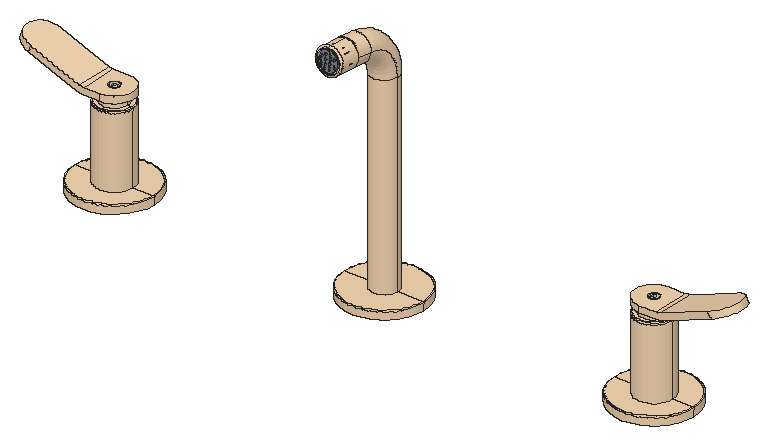
Revit family "Faucet-Wall_Mount-Bath_Spout-KALLISTA-Aileron-P33353", category Plumbing Fixtures, host Face, Revit 2021
Family settings
  Host = Face
  Round Connector Dimension = Use Diameter
  Part Type = Normal
  OmniClass Number = 23.31.11.00
  OmniClass Title = Faucets
  Cut with Voids When Loaded = No
  Shared = No
  Room Calculation Point = No
Parameters (values of type "2MB-Brushed Brass")
  Width [instance] = 16"
  WaterSense Certified = 1 = 0  # no
  Waste Water Outlet = "Waste Water Outlet"  # constant formula
  Waste Connection = 1 = 0  # no
  Vent Connection = 1 = 0  # no
  URL = "https://www.kallista.com/"
  Type = 1
  Spout Reach = 7.12205"  # constant formula
  Product Page URL = ""
  Product Name = "Aileron"  # constant formula
  Product Documentation Link = ""
  Pressure = 4.50 psi  # constant formula
  Model = if(Type = 1, "P33354-LV-2MB", if(Type = 2, "P33354-LV-BGP", if(Type = 3, "P33354-LV-BL", if(Type = 4, "P33354-LV-BLH", if(Type = 5, "P33354-LV-BN", if(Type = 6, "P33341-LV-CP", "NA"))))))  # "P33354-LV-2MB"
  Material = "Premium Metal Construction"  # constant formula
  Master Format 2014 Name = "Residential Faucets, Supplies, and Trim"  # constant formula
  Master Format 2014 = "22 41 39"  # constant formula
  Manufacturer Address = "444 Highland Dr, Kohler, WI 53044"  # constant formula
  Manufacturer = "Kallista Co."  # constant formula
  Length = Spout Reach  # 7.12205"
  Hot Water Inlet = "Hot Water Inlet"  # constant formula
  Height = 2.3622"  # constant formula
  Handle Clearance = 2.63386"  # constant formula
  HW Connection = 1 = 1  # yes
  Flow Rate = 1.2 GPM  # constant formula
  Finish = Kallista-Metal-2MB- Brushed_Brass
  Faucet Hole Spacing [instance] = Width  # 16"
  Environmental Product Declaration = ""
  Drain Included = 1 = 1  # yes
  Description = "Wall Mount With Despread Faucet, Elongated"  # constant formula
  Default Elevation = 36"
  Declare Label = ""
  Date Modified = "10/24/2024"  # constant formula
  Date Created = "10/24/2024"  # constant formula
  Copyright = "Copyright Kallista Co."  # constant formula
  Contact Us = "https://www.kallista.com/corporate/contact-us/"
  Cold Water Inlet = "Cold Water Inlet"  # constant formula
  CW Connection = 1 = 1  # yes
  Assembly Code = "D2010"
  ADA Compliant = 1 = 0  # no
Types (7): name | Type | Model | Finish
  (no name) | 1 | "P33354-LV-2MB" | Kallista-Metal-2MB- Brushed_Brass
  2MB-Brushed Brass | 1 | "P33354-LV-2MB" | Kallista-Metal-2MB- Brushed_Brass
  BGP-Brushed Graphite | 2 | "P33354-LV-BGP" | Kallista-Metal-BGP-Brushed_Graphite
  BL-Matte Black | 3 | "P33354-LV-BL" | Kallista-Metal-BL-Matte_Black
  BLH-Blush Brass | 4 | "P33354-LV-BLH" | Kallista-Metal-BLH-Blush_Brass
  BN-Brushed Nickel | 5 | "P33354-LV-BN" | Kallista-Metal-BN-Brushed_Nickel
  CP-Chrome | 6 | "P33341-LV-CP" | Kallista-Metal-CP-Chrome
Reference planes (in)
  plane 1 "Center (Front/Back)": y = 0
  plane 2: z = 0
  plane 3 "Center (Left/Right)": x = 0
  plane 4: y = 1.1811
  plane 5: y = -1.1811
  plane 6: x = -1.1811
  plane 7: x = 1.1811
  plane 8: x = 6.8189
  plane 9: x = 9.1811
  plane 10: x = -6.8189
  plane 11: x = -9.1811
  plane 12: x = -0.39844
  plane 13: x = 0.3937
  plane 14: z = 3.54331
  plane 15: z = 7.50394
  plane 16: x = -8.55118
  plane 17: x = -7.44882
  plane 18: x = 7.44882
  plane 19: x = 8.55118
  plane 20: z = 2.83021
  plane 21: through (0, -2.03132, 9.28253) normal (0, -0.9962, 0.0872)
  plane 22: z = 7.12205
  plane 23: through (0, 1.1811, 6.44522) normal (0, 0.0872, 0.9962)
  plane 24: y = 0.3937
  plane 25: y = -0.3937
  plane 26: x = -8
  plane 27: x = 8
  plane 28: x = -10.63386
  plane 29: x = 10.63386
  plane 30: y = -2.09761
Forms (in)
  Extrusion 1, solid, material "Kallista-Metal-2MB- Brushed_Brass" <- "Finish", detail levels medium+fine
    sketch origin (0, 0, 0) x (1, 0, 0) y (0, 1, 0)
      loop
        circle (8, 0) r 0.03937
    from 0 to 0.03248
  Extrusion 2, solid, material "Kallista-Metal-2MB- Brushed_Brass" <- "Finish", detail levels medium+fine
    sketch origin (0, 0, 0) x (1, 0, 0) y (0, 1, 0)
      loop
        circle (-8, 0) r 0.03937
    from 0 to 0.03137
Dimensions and locks (in)
  plane 15 to level = 7.50394"
  plane 6 to plane 7 = 2.3622"  (x2)
  plane 12 to plane 13 = 0.79214"
  plane 8 to plane 9 = 2.3622"
  plane 11 to plane 10 = 2.3622"
  "Height": plane 4 to plane 5
  "Length": level to plane 22
  level to plane 15 = 7.50394"
  equal spacing: plane 26, plane 3 "Center (Left/Right)", plane 27
  "Width": plane 26 to plane 27
  plane 22 to level = 7.12205"
  plane 16 to plane 26 = 0.55118"
  plane 11 to plane 26 = 1.1811"
  plane 26 to plane 17 = 0.55118"
  plane 26 to plane 10 = 1.1811"
  plane 18 to plane 27 = 0.55118"
  plane 8 to plane 27 = 1.1811"
  plane 27 to plane 19 = 0.55118"
  plane 27 to plane 9 = 1.1811"
  "Handle Clearance": plane 27 to plane 29
  "Handle Clearance": plane 28 to plane 26
  aligned and locked: plane 2 to host face
  aligned and locked: level to host face
  aligned and locked: plane 3 "Center (Left/Right)" to nested 1
  aligned and locked: plane 1 "Center (Front/Back)" to nested 1
  aligned and locked: nested 3 to plane 26
  aligned and locked: nested 2 to plane 27
Automatic sketch dimensions
  host sketch curve to host sketch curve = 96"  (x2)
  plane 1 "Center (Front/Back)" to Extrusion 1 sketch curve = 0"
  Extrusion 1 sketch curve to plane 27 = 0"
  plane 1 "Center (Front/Back)" to Extrusion 2 sketch curve = 0"
  Extrusion 2 sketch curve to plane 26 = 0"
  radius of Extrusion 1 sketch curve = 0.03937"
  radius of Extrusion 2 sketch curve = 0.03937"
Nested families (in)
  nested 1: "P33353_Spout" at (0, 0, 0), type "P33353_Faucet"
  nested 2: "P33353_Handle" at (8, 0, 0), type "P33353_Handle"
  nested 3: "P33353_Handle" at (-8, 0, 0) x (-1, 0, 0) z (0, 0, 1), type "P33353_Handle"
Connectors (in)
  piping at (-8, 0, 0), diameter 0.5, driven by "Flow Rate", driven by "Pressure", driven by "HW Connection", driven by "Hot Water Inlet"
    settings: on Extrusion 2, index 1, connector inside diameter 24", connector length 0", flow factor 0, pipe flow 1.2 GPM, pressure drop 4.50 psi, fitting loss kfactor 0, connector angle 0.00°, fixture units 0, engagement length 0", angle of deflection 0.00°, flow configuration 1, flow direction 1, fitting loss method 4, system type 19, joint type 0, gender type 0, connector reference index -1, connector utility 1, adjustable connector no, is connector primary yes, connector description "Hot Water Inlet"
  piping at (8, 0, 0), diameter 0.5, driven by "Flow Rate", driven by "Pressure", driven by "CW Connection", driven by "Cold Water Inlet"
    settings: on Extrusion 1, index 2, connector inside diameter 24", connector length 0", flow factor 0, pipe flow 1.2 GPM, pressure drop 4.50 psi, fitting loss kfactor 0, connector angle 0.00°, fixture units 0, engagement length 0", angle of deflection 0.00°, flow configuration 1, flow direction 1, fitting loss method 4, system type 20, joint type 0, gender type 0, connector reference index -1, connector utility 1, adjustable connector no, is connector primary no, connector description "Cold Water Inlet"
Definition of nested family "P33353_Spout"
  Parameters
    Material = none
    Default Elevation = 0"
  Reference planes (in)
    plane 1 "Center (Front/Back)": y = 0
    plane 2: z = 0
    plane 3 "Center (Left/Right)": x = 0
    plane 4: x = -3.93701
    plane 5: x = 3.93701
    plane 6: y = 1.1811
    plane 7: y = -1.1811
    plane 8: x = 2.75591
    plane 9: x = 5.11811
    plane 10: x = -5.11811
    plane 11: x = -2.75591
    plane 12: x = -1.1811
    plane 13: x = 1.1811
    plane 14: through (0, -2.07337, 7.12205) normal (0, 0.0872, 0.9962)
    plane 15: y = -0.3937
    plane 16: y = 0.3937
    plane 17: y = 0.55118
    plane 18: y = -0.55118
    plane 19 "R": through (0, -2.06574, 8.8891) normal (0, 0.9962, -0.0872)
    plane 20: x = -0.3937
    plane 21: x = 0.3937
    plane 22: x = -0.3937
    plane 23: x = 0.3937
    plane 24: through (0, -1.1811, 7.43608) normal (0, 0.0872, 0.9962)
    plane 25: through (0, -1.24919, 6.65785) normal (0, 0.0872, 0.9962)
    plane 26: z = 7.50394
    plane 27: z = 7.11417
    plane 28: y = -2.09761
  Forms (in)
    Revolve 1, solid, material <- "Material", detail levels medium+fine
      sketch origin (0, 0, 0) x (1, 0, 0) y (0, 0, 1)
        loop
          line (0, 0.00541) -> (1.1811, 0.00541) -> (1.1811, 0.2222)
          arc (1.1811, 0.2222) -> (1.17534, 0.23611) -> (1.16142, 0.24188) r 0.01969
          line (1.16142, 0.24188) -> (0, 0.24188) -> (0, 0.00541)
        axis (0, 0.00541) -> (0, 0.24188)
      angle from 0 to 360
    Sweep 2, solid, material <- "Material", detail levels medium+fine
      path origin (0, 0, 0) x (0, 1, 0) y (0, 0, 1)
        loop
          line (-1.43996, 7.06663) -> (-1.00629, 7.02869)
          arc (-1.00629, 7.02869) -> (-0.28962, 6.67527) -> (0, 5.93052) r 1.10236
          line (0, 5.93052) -> (0, 0.23376)
      profile origin (0, 0, 0.23376) x (1, 0, 0) y (0, 1, 0)
        loop
          circle (0, 0) r 0.3937
    Revolve 3, solid, material <- "Material", detail levels medium+fine
      sketch origin (0, -0.15407, -1.76099) x (0, 1, 0) y (0, 0, 1)
        loop
          line (-1.28648, 8.82092) -> (-1.25441, 9.18749) -> (-1.2778, 9.21537) -> (-1.84506, 9.26499)
          arc (-1.84506, 9.26499) -> (-1.87294, 9.2562) -> (-1.88644, 9.23027) r 0.0382
          line (-1.88644, 9.23027) -> (-1.91743, 8.87612) -> (-1.28648, 8.82092)
        axis (-1.28648, 8.82092) -> (-1.91743, 8.87612)
      angle from 0 to 360
    Revolve 4, void
      sketch origin (0, -0.15407, -1.76099) x (0, 1, 0) y (0, 0, 1)
        loop
          line (-1.51745, 8.84113) -> (-1.48922, 9.16377) -> (-2.04514, 9.21241) -> (-2.07337, 8.88976) -> (-1.51745, 8.84113)
        axis (-1.51745, 8.84113) -> (-2.07337, 8.88976)
      angle from 0 to 360
    Revolve 5, solid, detail levels medium+fine
      sketch origin (0, -0.15407, -1.76099) x (0, 1, 0) y (0, 0, 1)
        loop
          line (-1.28762, 8.82102) -> (-1.26263, 9.10665) -> (-1.89356, 9.16185) -> (-1.91855, 8.87622) -> (-1.28762, 8.82102)
        axis (-1.28762, 8.82102) -> (-1.91855, 8.87622)
      angle from 0 to 360
    Extrusion 6, void
      sketch origin (0, -2.9759, -1.51411) x (0, -0.087156, -0.996195) y (-1, 0, 0)
        loop
          circle (-8.84247, -0.05622) r 0.03937
        loop
          circle (-8.76225, -0.19518) r 0.03937
        loop
          circle (-8.73304, -0.08616) r 0.03937
        loop
          circle (-8.70619, 0.06612) r 0.03937
        loop
          circle (-8.84657, 0.06612) r 0.03937
        loop
          circle (-8.78326, 0.17577) r 0.03937
        loop
          circle (-8.69251, 0.22817) r 0.03937
        loop
          circle (-8.5796, 0.06692) r 0.03937
        loop
          circle (-8.5796, 0.18815) r 0.03937
        loop
          circle (-8.47664, 0.08519) r 0.03937
        loop
          circle (-8.61583, -0.05401) r 0.03937
        loop
          circle (-8.57813, -0.19472) r 0.03937
        loop
          circle (-8.50209, -0.06301) r 0.03937
      from 0.05545 to 0.66735
    Revolve 7, solid, material <- "Material", detail levels coarse
      sketch origin (0, 0, 0) x (0, 1, 0) y (0, 0, 1)
        loop
          line (1.1811, 0.2414) -> (0, 0.2414) -> (0, 0) -> (1.1811, 0) -> (1.1811, 0.2414)
        axis (0, 0) -> (0, 0.2414)
      angle from 0 to 360
    Sweep 8, solid, material <- "Material", detail levels coarse
      path origin (0, 0, 0) x (0, 1, 0) y (0, 0, 1)
        loop
          line (-2.06574, 7.12138) -> (-1.07816, 7.03498)
          arc (-1.07816, 7.03498) -> (-0.3103, 6.65631) -> (0, 5.85837) r 1.1811
          line (0, 5.85837) -> (0, 0.2414)
      profile origin (0, 0, 0.2414) x (1, 0, 0) y (0, 1, 0)
        loop
          circle (-0.00237, -0.00114) r 0.39607
  Cuts and joins
    Revolve 4 cuts Revolve 3
    joined: Sweep 2, Revolve 3
    Extrusion 6 cuts Revolve 5
  Lines and regions (in)
    Masking region 1
      outline origin (0, 0, 0) x (1, 0, 0) y (0, 0, 1)
        loop
          line (-1.1811, 0.17912) -> (-1.1811, 0) -> (1.1811, 0) -> (1.1811, 0.21391)
          arc (1.1811, 0.21391) -> (1.17304, 0.23338) -> (1.15357, 0.24145) r 0.02754
          line (1.15357, 0.24145) -> (0.3937, 0.24145) -> (0.3937, 7.11024)
          arc (0.3937, 7.11024) -> (0.27839, 7.38862) -> (0, 7.50394) r 0.3937
          arc (0, 7.50394) -> (-0.27839, 7.38862) -> (-0.3937, 7.11024) r 0.3937
          line (-0.3937, 7.11024) -> (-0.3937, 0.24145) -> (-1.11878, 0.24145)
          arc (-1.11878, 0.24145) -> (-1.16285, 0.22319) -> (-1.1811, 0.17912) r 0.06233
    Masking region 2
      outline origin (0, 0, 0) x (1, 0, 0) y (0, 1, 0)
        loop
          arc (0.3937, -1.11355) -> (0.52857, -1.05623) -> (0.65529, -0.98265) r 1.1811
          arc (0.65529, -0.98265) -> (-0.14626, 1.17201) -> (-0.3937, -1.11355) r 1.1811
          line (-0.3937, -1.11355) -> (-0.3937, -1.43225)
          arc (-0.3937, -1.43225) -> (-0.38242, -1.44524) -> (-0.36553, -1.44852) r 0.02638
          arc (-0.36553, -1.44852) -> (-0.38036, -1.45535) -> (-0.3937, -1.46478) r 0.0889
          line (-0.3937, -1.46478) -> (-0.3937, -2.0201)
          arc (-0.3937, -2.0201) -> (-0.37414, -2.05083) -> (-0.34342, -2.07039) r 0.08403
          arc (-0.34342, -2.07039) -> (-0.24016, -2.08322) -> (-0.13644, -2.0915) r 2.36663
          arc (-0.13644, -2.0915) -> (-0.03518, -2.09517) -> (0.06615, -2.09451) r 2.36663
          arc (0.06615, -2.09451) -> (0.20514, -2.08653) -> (0.34342, -2.07039) r 2.36663
          arc (0.34342, -2.07039) -> (0.37414, -2.05083) -> (0.3937, -2.0201) r 0.08403
          line (0.3937, -2.0201) -> (0.3937, -1.46478)
          arc (0.3937, -1.46478) -> (0.38036, -1.45535) -> (0.36553, -1.44852) r 0.0889
          arc (0.36553, -1.44852) -> (0.38242, -1.44524) -> (0.3937, -1.43225) r 0.02638
          line (0.3937, -1.43225) -> (0.3937, -1.11355)
    Masking region 3
      outline origin (0, 0, 0) x (0, 1, 0) y (0, 0, 1)
        loop
          line (-0.3937, 5.76774) -> (-0.3937, 0.2414) -> (-1.16142, 0.2414)
          arc (-1.16142, 0.2414) -> (-1.17534, 0.23564) -> (-1.1811, 0.22172) r 0.01969
          line (-1.1811, 0.22172) -> (-1.1811, 0) -> (1.1811, 0) -> (1.1811, 0.22172)
          arc (1.1811, 0.22172) -> (1.17534, 0.23564) -> (1.16142, 0.2414) r 0.01969
          line (1.16142, 0.2414) -> (0.3937, 0.2414) -> (0.3937, 5.85837)
          arc (0.3937, 5.85837) -> (-0.02004, 6.92229) -> (-1.04385, 7.42718) r 1.5748
          line (-1.04385, 7.42718) -> (-1.40565, 7.45883) -> (-1.40839, 7.42746) -> (-1.42651, 7.45608) -> (-1.97969, 7.50447)
          arc (-1.97969, 7.50447) -> (-2.00822, 7.50154) -> (-2.03364, 7.48826) r 0.07609
          line (-2.03364, 7.48826) -> (-2.09784, 6.7545)
          arc (-2.09784, 6.7545) -> (-2.07511, 6.737) -> (-2.04752, 6.72916) r 0.07609
          line (-2.04752, 6.72916) -> (-1.49434, 6.68077) -> (-1.47153, 6.7058) -> (-1.47428, 6.67443) -> (-1.28373, 6.65776)
          arc (-1.28373, 6.65776) -> (-0.65438, 6.39708) -> (-0.3937, 5.76774) r 0.89003
    symbolic lines, detail levels medium+fine
      curve 1: line (-0.3937, 0, 0.24145) -> (0.3937, 0, 0.24145)
      curve 2: line (-1.1811, 0, 0.17912) -> (1.1811, 0, 0.17912)
      curve 3: line (0.3937, -0.00114, 0) -> (0.3937, -1.11403, 0)
      curve 4: line (-0.39844, -1.11403, 0) -> (-0.39844, -0.00114, 0)
      curve 5: arc (-0.39844, -0.00114, 0) -> (-0.00237, 0.39493, 0) -> (0.3937, -0.00114, 0) r 0.39607
      curve 6: arc (-0.37388, -2.05108, 0) -> (0.00089, -2.02255, 0) -> (0.37566, -2.05108, 0) r 2.47591
      curve 7: spline (-0.35136, -2.06703, 0) -> (-0.33939, -2.06404, 0) -> (-0.30429, -2.06126, 0) -> (-0.24845, -2.05887, 0) -> (-0.17568, -2.05703, 0) -> (-0.09094, -2.05588, 0) -> (0, -2.05548, 0) -> (0.09094, -2.05588, 0) -> (0.17568, -2.05703, 0) -> (0.24845, -2.05887, 0) -> (0.30429, -2.06126, 0) -> (0.33939, -2.06404, 0) -> (0.35136, -2.06703, 0) -> (0.33939, -2.07002, 0) -> (0.30429, -2.0728, 0) -> (0.24845, -2.0752, 0) -> (0.17568, -2.07703, 0) -> (0.09094, -2.07819, 0) -> (0, -2.07858, 0) -> (-0.09094, -2.07819, 0) -> (-0.17568, -2.07703, 0) -> (-0.24845, -2.0752, 0) -> (-0.30429, -2.0728, 0) -> (-0.33939, -2.07002, 0) -> (-0.35136, -2.06703, 0)
      curve 8: arc (-0.39844, -1.11403, 0) -> (-0.00237, -1.18344, 0) -> (0.3937, -1.11403, 0) r 1.16478
      curve 9: line (-0.36553, -1.44852, 0) -> (0.37497, -1.44852, 0)
      curve 10: line (-0.3937, -1.43225, 0) -> (0.37374, -1.43225, 0)
      curve 11: line (-0.3937, -1.46478, 0) -> (0.3937, -1.46478, 0)
      curve 12: line (-0.3937, -1.46478, 0) -> (0.37566, -2.05108, 0)
      curve 13: line (-0.32933, -1.46478, 0) -> (0.37322, -2.00017, 0)
      curve 14: line (-0.26496, -1.46478, 0) -> (0.3937, -1.96672, 0)
      curve 15: line (-0.20059, -1.46478, 0) -> (0.3937, -1.91767, 0)
      curve 16: line (-0.13622, -1.46478, 0) -> (0.3937, -1.86861, 0)
      curve 17: line (-0.07185, -1.46478, 0) -> (0.3937, -1.81956, 0)
      curve 18: line (-0.00748, -1.46478, 0) -> (0.3937, -1.77051, 0)
      curve 19: line (0.05689, -1.46478, 0) -> (0.3937, -1.72145, 0)
      curve 20: line (0.12126, -1.46478, 0) -> (0.3937, -1.6724, 0)
      curve 21: line (0.18563, -1.46478, 0) -> (0.3937, -1.62335, 0)
      curve 22: line (0.25, -1.46478, 0) -> (0.3937, -1.57429, 0)
      curve 23: line (0.18563, -1.46478, 0) -> (0.3937, -1.62335, 0)
      curve 24: line (0.12009, -1.46478, 0) -> (0.38159, -1.66406, 0)
      curve 25: line (-0.3937, -1.51307, 0) -> (0.2984, -2.04049, 0)
      curve 26: line (-0.37858, -1.57289, 0) -> (0.22481, -2.0327, 0)
      curve 27: line (-0.3937, -1.60965, 0) -> (0.15437, -2.02732, 0)
      curve 28: line (-0.3937, -1.65794, 0) -> (0.08671, -2.02404, 0)
      curve 29: line (-0.3937, -1.707, 0) -> (0.02049, -2.02263, 0)
      curve 30: line (-0.3937, -1.75605, 0) -> (-0.04346, -2.02295, 0)
      curve 31: line (-0.3937, -1.80434, 0) -> (-0.10441, -2.02479, 0)
      curve 32: line (-0.3937, -1.85339, 0) -> (-0.16447, -2.02808, 0)
      curve 33: line (-0.3937, -1.90245, 0) -> (-0.2228, -2.03268, 0)
      curve 34: line (-0.39453, -1.92351, 0) -> (-0.27955, -2.03849, 0)
      curve 35: line (-0.3937, -1.9815, 0) -> (-0.31353, -2.0426, 0)
      curve 36: line (-0.37388, -2.05108, 0) -> (0.3937, -1.46478, 0)
      curve 37: line (-0.29934, -2.04082, 0) -> (0.3937, -1.51146, 0)
      curve 38: line (-0.22657, -2.03302, 0) -> (0.3937, -1.55925, 0)
      curve 39: line (-0.1569, -2.02759, 0) -> (0.3937, -1.60703, 0)
      curve 40: line (-0.08993, -2.02422, 0) -> (0.3937, -1.65481, 0)
      curve 41: line (-0.02538, -2.02269, 0) -> (0.3937, -1.70259, 0)
      curve 42: line (0.03701, -2.02282, 0) -> (0.3937, -1.75037, 0)
      curve 43: line (0.09745, -2.02444, 0) -> (0.3937, -1.79815, 0)
      curve 44: line (0.15609, -2.02742, 0) -> (0.3937, -1.84593, 0)
      curve 45: line (0.2131, -2.03167, 0) -> (0.3937, -1.89372, 0)
      curve 46: line (0.26161, -2.03632, 0) -> (0.3937, -1.93542, 0)
      curve 47: line (0.31733, -2.04286, 0) -> (0.37322, -2.00017, 0)
      curve 48: line (-0.3937, -2.01844, 0) -> (0.33115, -1.46478, 0)
      curve 49: line (-0.3937, -1.97066, 0) -> (0.26859, -1.46478, 0)
      curve 50: line (-0.39453, -1.92351, 0) -> (0.20603, -1.46478, 0)
      curve 51: line (-0.3937, -1.87509, 0) -> (0.14348, -1.46478, 0)
      curve 52: line (-0.3937, -1.82731, 0) -> (0.08092, -1.46478, 0)
      curve 53: line (-0.3937, -1.77953, 0) -> (0.01837, -1.46478, 0)
      curve 54: line (-0.3937, -1.73175, 0) -> (-0.04419, -1.46478, 0)
      curve 55: line (-0.3937, -1.68265, 0) -> (-0.10847, -1.46478, 0)
      curve 56: line (-0.3937, -1.63354, 0) -> (-0.17276, -1.46478, 0)
      curve 57: line (-0.37858, -1.57289, 0) -> (-0.23704, -1.46478, 0)
      curve 58: line (-0.3937, -1.53534, 0) -> (-0.30133, -1.46478, 0)
      curve 59: arc (-0.39844, -0.00114, 0) -> (-0.00237, 0.31356, 0) -> (0.3937, -0.00114, 0) r 0.40659
      curve 60: line (-0.39844, -1.06482, 0) -> (0.3937, -1.06482, 0)
      curve 61: line (0, 0.3937, 0.2414) -> (0, -0.3937, 0.2414)
      curve 62: line (0, 1.1811, 0.22172) -> (0, -1.1811, 0.22172)
      curve 63: line (0, 0.3937, 5.85837) -> (0, -0.3937, 5.85837)
      curve 64: line (0, -1.40839, 7.42746) -> (0, -1.47153, 6.70581)
      curve 65: line (0, -1.1811, 7.43919) -> (0, -1.1811, 6.65183)
      curve 66: line (0, -1.47153, 6.70581) -> (0, -1.97969, 7.50447)
      curve 67: line (0, -1.49937, 6.67797) -> (0, -2.02773, 7.49251)
      curve 68: line (0, -1.54978, 6.68562) -> (0, -2.03537, 7.4488)
      curve 69: line (0, -1.60198, 6.69606) -> (0, -2.04239, 7.38825)
      curve 70: line (0, -1.64513, 6.69228) -> (0, -2.0479, 7.32531)
      curve 71: line (0, -1.69462, 6.69847) -> (0, -2.05341, 7.26237)
      curve 72: line (0, -1.74411, 6.70466) -> (0, -2.05891, 7.19943)
      curve 73: line (0, -1.79359, 6.71084) -> (0, -2.06442, 7.13649)
      curve 74: line (0, -1.84257, 6.71622) -> (0, -2.06992, 7.07355)
      curve 75: line (0, -1.88744, 6.71516) -> (0, -2.07543, 7.01062)
      curve 76: line (0, -1.93568, 6.71938) -> (0, -2.08094, 6.94768)
      curve 77: line (0, -1.98392, 6.7236) -> (0, -2.08644, 6.88474)
      curve 78: line (0, -2.03215, 6.72782) -> (0, -2.09195, 6.8218)
      curve 79: line (0, -1.46602, 6.76875) -> (0, -1.93145, 7.50025)
      curve 80: line (0, -1.46052, 6.83169) -> (0, -1.88322, 7.49603)
      curve 81: line (0, -1.45501, 6.89463) -> (0, -1.83498, 7.49181)
      curve 82: line (0, -1.44951, 6.95756) -> (0, -1.78944, 7.49183)
      curve 83: line (0, -1.444, 7.0205) -> (0, -1.73995, 7.48565)
      curve 84: line (0, -1.43849, 7.08344) -> (0, -1.69046, 7.47946)
      curve 85: line (0, -1.43299, 7.14638) -> (0, -1.64097, 7.47327)
      curve 86: line (0, -1.42748, 7.20932) -> (0, -1.59148, 7.46708)
      curve 87: line (0, -1.42197, 7.27226) -> (0, -1.54199, 7.46089)
      curve 88: line (0, -1.41647, 7.3352) -> (0, -1.49732, 7.46227)
      curve 89: line (0, -1.41096, 7.39813) -> (0, -1.44908, 7.45805)
      curve 90: line (0, -1.40839, 7.42746) -> (0, -2.10193, 6.73392)
      curve 91: line (0, -1.42953, 7.46067) -> (0, -2.09421, 6.796)
      curve 92: line (0, -1.43473, 7.4568) -> (0, -2.09408, 6.79745)
      curve 93: line (0, -1.48593, 7.46128) -> (0, -2.08874, 6.85847)
      curve 94: line (0, -1.54199, 7.46089) -> (0, -2.0834, 6.91948)
      curve 95: line (0, -1.59148, 7.46708) -> (0, -2.07807, 6.9805)
      curve 96: line (0, -1.64097, 7.47327) -> (0, -2.07273, 7.04151)
      curve 97: line (0, -1.69046, 7.47946) -> (0, -2.06739, 7.10253)
      curve 98: line (0, -1.73995, 7.48565) -> (0, -2.06205, 7.16355)
      curve 99: line (0, -1.78944, 7.49183) -> (0, -2.05671, 7.22456)
      curve 100: line (0, -1.84432, 7.49263) -> (0, -2.05137, 7.28558)
      curve 101: line (0, -1.89552, 7.49711) -> (0, -2.04604, 7.34659)
      curve 102: line (0, -1.94672, 7.50159) -> (0, -2.0407, 7.40761)
      curve 103: line (0, -1.41361, 7.3679) -> (0, -2.05195, 6.72955)
      curve 104: line (0, -1.41894, 7.30688) -> (0, -2.00075, 6.72507)
      curve 105: line (0, -1.42428, 7.24586) -> (0, -1.94955, 6.72059)
      curve 106: line (0, -1.42962, 7.18485) -> (0, -1.89836, 6.71611)
      curve 107: line (0, -1.43496, 7.12383) -> (0, -1.84257, 6.71622)
      curve 108: line (0, -1.44017, 7.06427) -> (0, -1.79359, 6.71084)
      curve 109: line (0, -1.44551, 7.00325) -> (0, -1.74411, 6.70466)
      curve 110: line (0, -1.45085, 6.94224) -> (0, -1.69462, 6.69847)
      curve 111: line (0, -1.45618, 6.88122) -> (0, -1.64513, 6.69228)
      curve 112: line (0, -1.45996, 6.83808) -> (0, -1.60198, 6.69606)
      curve 113: line (0, -1.45996, 6.83808) -> (0, -1.60198, 6.69606)
  Dimensions and locks (in)
    aligned and locked: plane 2 to level
Definition of nested family "P33353_Handle"
  Parameters
    Material = none
    Default Elevation = 0"
  Reference planes (in)
    plane 1 "Center (Front/Back)": y = 0
    plane 2: z = 0
    plane 3 "Center (Left/Right)": x = 0
    plane 4: x = -3.93701
    plane 5: x = 3.93701
    plane 6: y = 1.1811
    plane 7: y = -1.1811
    plane 8: x = 2.75591
    plane 9: x = 5.11811
    plane 10: x = -5.11811
    plane 11: x = -2.75591
    plane 12: x = -1.1811
    plane 13: x = 1.1811
    plane 14: z = 9.27165
    plane 15: z = 8.88976
    plane 16: through (0, -2.07337, 8.88976) normal (0, 0.0872, 0.9962)
    plane 17: y = -0.3937
    plane 18: y = 0.3937
    plane 19: y = 0.55118
    plane 20: y = -0.55118
    plane 21: z = 3.54331
    plane 22: z = 2.3622
    plane 23: z = 2.83021
    plane 24: x = 0.55118
    plane 25: x = -0.55118
    plane 26: through (2.2361, -180, 3.4613) normal (-0.342, 0, 0.9397)
    plane 27: through (2.30342, -180, 3.27632) normal (-0.342, 0, 0.9397)
    plane 28: x = -0.55118
    plane 29: x = 2.63386
  Forms (in)
    Revolve 1, solid, material <- "Material", detail levels medium+fine
      sketch origin (0, 0, 0) x (1, 0, 0) y (0, 0, 1)
        loop
          line (0, 2.37761) -> (-0.51598, 2.37761) -> (-0.53902, 2.35457)
          arc (-0.53902, 2.35457) -> (-0.54802, 2.3411) -> (-0.55118, 2.32521) r 0.04153
          line (-0.55118, 2.32521) -> (-0.55118, 0.24206) -> (0, 0.24206) -> (0, 2.37761)
        axis (0, 0.24206) -> (0, 2.37761)
      angle from 0 to 360
    Revolve 2, solid, material <- "Material", detail levels medium+fine
      sketch origin (0, 0, 0) x (1, 0, 0) y (0, 0, 1)
        loop
          line (0, 0.24206) -> (-1.16142, 0.24206)
          arc (-1.16142, 0.24206) -> (-1.17534, 0.23629) -> (-1.1811, 0.22237) r 0.01969
          line (-1.1811, 0.22237) -> (-1.1811, 0) -> (0, 0) -> (0, 0.24206)
        axis (0, 0) -> (0, 0.24206)
      angle from 0 to 360
    Revolve 3, solid, material <- "Material", detail levels medium+fine
      sketch origin (0, 0, 0) x (1, 0, 0) y (0, 0, 1)
        loop
          line (0, 2.37761) -> (0.39323, 2.37761) -> (0.39323, 2.50156)
          arc (0.39323, 2.50156) -> (0.41364, 2.55848) -> (0.46557, 2.58946) r 0.08958
          line (0.46557, 2.58946) -> (0, 2.58946) -> (0, 2.37761)
        axis (0, 2.37761) -> (0, 2.58946)
      angle from 0 to 360
    Sweep 4, solid, material <- "Material"
      path origin (0, 0, 0) x (1, 0, 0) y (0, 0, 1)
        loop
          line (-2.27206, 2.58331) -> (0.48384, 2.58331)
          arc (0.48384, 2.58331) -> (0.58674, 2.59255) -> (0.68635, 2.61996) r 0.57777
          line (0.68635, 2.61996) -> (3.91751, 3.82917)
      profile origin (-2.27206, 0, 2.58331) x (0, 0, -1) y (0, -1, 0)
        loop
          line (-0.19654, -0.55118) -> (0, -0.55118) -> (0, 0.55118) -> (-0.19654, 0.55118) -> (-0.19654, -0.55118)
    Extrusion 5, void
      sketch origin (0, 0, 0) x (1, 0, 0) y (0, 1, 0)
        loop
          line (0, 0.55118) -> (0, 0.88357) -> (-3.28265, 0.88357) -> (-3.28265, -1.47863) -> (0, -1.47863) -> (0, -0.55118)
          arc (0, -0.55118) -> (-0.55118, 0) -> (0, 0.55118) r 0.55118
      from 2.37761 to 4.80094
    Extrusion 6, void
      sketch origin (-0.77572, 0, 2.0728) x (0.936565, 0, 0.350495) y (0, -1, 0)
        loop
          line (3.08612, -0.55118) -> (2.38681, -0.55118) -> (2.38681, -0.94488) -> (5.16682, -0.94488) -> (5.16682, 0.94488) -> (2.38681, 0.94488) -> (2.38681, 0.55118) -> (3.08612, 0.55118)
          arc (3.08612, 0.55118) -> (3.6373, 0) -> (3.08612, -0.55118) r 0.55118
      from -0.5997 to 0.58587
    Extrusion 7, void
      sketch origin (0, 0, 0) x (1, 0, 0) y (0, 1, 0)
        loop
          circle (0, 0) r 0.15706
      from 2.6188 to 3.2359
    Extrusion 8, solid, detail levels medium+fine
      sketch origin (0, 0, 0) x (1, 0, 0) y (0, 1, 0)
        loop
          circle (0, 0) r 0.1378
      from 2.6188 to 2.77985
    Extrusion 9, void
      sketch origin (0, 0, 0) x (1, 0, 0) y (0, 1, 0)
        loop
          line (0.05666, -0.03967) -> (0.06269, 0.02923) -> (0.00603, 0.0689) -> (-0.05666, 0.03967) -> (-0.06269, -0.02923) -> (-0.00603, -0.0689) -> (0.05666, -0.03967)
      from 2.6188 to 3.13696
    Revolve 10, solid, material <- "Material", detail levels coarse
      sketch origin (0, 0, 0) x (1, 0, 0) y (0, 0, 1)
        loop
          line (0, 2.37761) -> (-0.55118, 2.37761) -> (-0.55118, 0.24206) -> (0, 0.24206) -> (0, 2.37761)
        axis (0, 0.24206) -> (0, 2.37761)
      angle from 0 to 360
    Revolve 11, solid, material <- "Material", detail levels coarse
      sketch origin (0, 0, 0) x (1, 0, 0) y (0, 0, 1)
        loop
          line (0, 2.58331) -> (-0.46969, 2.58331)
          arc (-0.46969, 2.58331) -> (-0.41562, 2.56091) -> (-0.39323, 2.50685) r 0.07646
          line (-0.39323, 2.50685) -> (-0.39323, 2.37761) -> (0, 2.37761) -> (0, 2.58331)
        axis (0, 2.37761) -> (0, 2.58331)
      angle from 0 to 360
    Revolve 12, solid, material <- "Material", detail levels coarse
      sketch origin (0, 0, 0) x (1, 0, 0) y (0, 0, 1)
        loop
          line (0, 0.29174) -> (-1.1811, 0.29174) -> (-1.1811, 0) -> (0, 0) -> (0, 0.29174)
        axis (0, 0) -> (0, 0.29174)
      angle from 0 to 360
  Cuts and joins
    joined: Revolve 1, Revolve 2
    Extrusion 5, Extrusion 6, Extrusion 7 cuts Sweep 4
    Extrusion 9 cuts Extrusion 8
  Lines and regions (in)
    Masking region 1
      outline origin (0, 0, 0) x (0, 1, 0) y (0, 0, 1)
        loop
          arc (0.55118, 3.31057) -> (0.47693, 3.38023) -> (0.3937, 3.43886) r 0.72892
          arc (0.3937, 3.43886) -> (0.01656, 3.544) -> (-0.36058, 3.43886) r 0.72892
          arc (-0.36058, 3.43886) -> (-0.46317, 3.36389) -> (-0.55118, 3.27224) r 0.72892
          line (-0.55118, 3.27224) -> (-0.55118, 2.60512)
          arc (-0.55118, 2.60512) -> (-0.54479, 2.5897) -> (-0.52937, 2.58331) r 0.02181
          line (-0.52937, 2.58331) -> (-0.45218, 2.58331)
          arc (-0.45218, 2.58331) -> (-0.40977, 2.55077) -> (-0.3937, 2.49979) r 0.08887
          line (-0.3937, 2.49979) -> (-0.3937, 2.36839) -> (-0.46702, 2.36839) -> (-0.50883, 2.36839) -> (-0.55118, 2.33873) -> (-0.55118, 0.24206) -> (-1.16142, 0.24206)
          arc (-1.16142, 0.24206) -> (-1.17534, 0.23629) -> (-1.1811, 0.22237) r 0.01969
          line (-1.1811, 0.22237) -> (-1.1811, 0) -> (1.1811, 0) -> (1.1811, 0.22237)
          arc (1.1811, 0.22237) -> (1.17534, 0.23629) -> (1.16142, 0.24206) r 0.01969
          line (1.16142, 0.24206) -> (0.55118, 0.24206) -> (0.55118, 2.33873) -> (0.50883, 2.36839) -> (0.3937, 2.36839) -> (0.3937, 2.49979)
          arc (0.3937, 2.49979) -> (0.40977, 2.55077) -> (0.45218, 2.58331) r 0.08887
          line (0.45218, 2.58331) -> (0.52937, 2.58331)
          arc (0.52937, 2.58331) -> (0.54479, 2.5897) -> (0.55118, 2.60512) r 0.02181
          line (0.55118, 2.60512) -> (0.55118, 3.31057)
    Masking region 2
      outline origin (0, 0, 0) x (1, 0, 0) y (0, 1, 0)
        loop
          arc (1.04461, 0.55118) -> (-1.1811, 0) -> (1.04461, -0.55118) r 1.1811
          line (1.04461, -0.55118) -> (2.08143, -0.55118)
          arc (2.08143, -0.55118) -> (2.63261, 0) -> (2.08143, 0.55118) r 0.55118
          line (2.08143, 0.55118) -> (1.04461, 0.55118)
    Masking region 3
      outline origin (0, 0, 0.04921) x (1, 0, 0) y (0, 0, 1)
        loop
          line (1.1811, 0) -> (1.1811, 0.22284)
          arc (1.1811, 0.22284) -> (1.17534, 0.23676) -> (1.16142, 0.24252) r 0.01969
          line (1.16142, 0.24252) -> (0.55118, 0.24252) -> (0.55118, 2.34215) -> (0.51572, 2.37761) -> (0.39323, 2.37761) -> (0.39323, 2.50631)
          arc (0.39323, 2.50631) -> (0.41635, 2.56132) -> (0.47182, 2.58329) r 0.07699
          arc (0.47182, 2.58329) -> (0.64765, 2.60701) -> (0.80802, 2.68282) r 0.57777
          line (0.80802, 2.68282) -> (2.51765, 3.30508)
          arc (2.51765, 3.30508) -> (2.55052, 3.33518) -> (2.55249, 3.37971) r 0.05827
          line (2.55249, 3.37971) -> (2.52521, 3.45488)
          arc (2.52521, 3.45488) -> (2.49473, 3.48805) -> (2.44971, 3.48972) r 0.0585
          line (2.44971, 3.48972) -> (0.71632, 2.85893)
          arc (0.71632, 2.85893) -> (0.62054, 2.80519) -> (0.5134, 2.78099) r 0.38123
          line (0.5134, 2.78099) -> (-0.55118, 2.78099) -> (-0.55118, 2.58331) -> (-0.47022, 2.58331)
          arc (-0.47022, 2.58331) -> (-0.41578, 2.56076) -> (-0.39323, 2.50631) r 0.07699
          line (-0.39323, 2.50631) -> (-0.39323, 2.37761) -> (-0.51572, 2.37761) -> (-0.55118, 2.34215) -> (-0.55118, 0.24252) -> (-1.16142, 0.24252)
          arc (-1.16142, 0.24252) -> (-1.17534, 0.23676) -> (-1.1811, 0.22284) r 0.01969
          line (-1.1811, 0.22284) -> (-1.1811, 0) -> (1.1811, 0)
    symbolic lines, detail levels medium+fine
      curve 1: arc (0, 0.3937, 3.2645) -> (0, 0, 3.35306) -> (0, -0.3937, 3.2645) r 0.91946
      curve 2: arc (0, 0.55118, 3.15447) -> (0, 0.47705, 3.21609) -> (0, 0.3937, 3.2645) r 0.57666
      curve 3: arc (0, -0.3937, 3.2645) -> (0, -0.47705, 3.21609) -> (0, -0.55118, 3.15447) r 0.57666
      curve 4: line (0, 0.55118, 0.24206) -> (0, -0.55118, 0.24206)
      curve 5: line (0, 1.1811, 0.22237) -> (0, -1.1811, 0.22237)
      curve 6: line (0, 0.37733, 2.36224) -> (0, -0.40148, 2.36224)
      curve 7: line (0, 0.55118, 2.33873) -> (0, -0.55118, 2.33873)
      curve 8: line (0, 0.45218, 2.58331) -> (0, -0.45218, 2.58331)
      curve 9: line (0, 0.39959, 2.51923) -> (0, -0.40374, 2.51923)
      curve 10: line (0, 0.55118, 2.60512) -> (0, -0.55118, 2.60512)
      curve 11: line (0, 0.55118, 1.60121) -> (0, -0.55118, 1.60121)
      curve 12: line (0, 0.55118, 1.60121) -> (0, -0.55118, 2.33873)
      curve 13: line (0, -0.45582, 2.23114) -> (0, -0.55118, 2.29495)
      curve 14: line (0, 0.48574, 1.60121) -> (0, -0.49122, 2.25483)
      curve 15: line (0, 0.42519, 1.60121) -> (0, -0.55118, 2.25444)
      curve 16: line (0, 0.36167, 1.60121) -> (0, -0.55325, 2.21332)
      curve 17: line (0, 0.30112, 1.60121) -> (0, -0.54813, 2.16939)
      curve 18: line (0, 0.55118, 1.6437) -> (0, -0.48766, 2.33873)
      curve 19: line (0, 0.55118, 1.69087) -> (0, -0.41715, 2.33873)
      curve 20: line (0, 0.55118, 2.33873) -> (0, -0.55118, 1.60121)
      curve 21: line (0, 0.48381, 2.33873) -> (0, -0.54813, 1.64833)
      curve 22: line (0, 0.31653, 2.27419) -> (0, -0.54813, 1.6957)
      curve 23: line (0, 0.3422, 2.33873) -> (0, -0.54813, 1.74307)
      curve 24: line (0, 0.2714, 2.33873) -> (0, -0.54813, 1.79043)
      curve 25: line (0, 0.2006, 2.33873) -> (0, -0.54813, 1.8378)
      curve 26: line (0, 0.1298, 2.33873) -> (0, -0.54813, 1.88517)
      curve 27: line (0, 0.059, 2.33873) -> (0, -0.54813, 1.93254)
      curve 28: line (0, -0.0118, 2.33873) -> (0, -0.54813, 1.97991)
      curve 29: line (0, -0.0826, 2.33873) -> (0, -0.54813, 2.02728)
      curve 30: line (0, -0.1534, 2.33873) -> (0, -0.54813, 2.07465)
      curve 31: line (0, -0.22421, 2.33873) -> (0, -0.54813, 2.12202)
      curve 32: line (0, -0.29501, 2.33873) -> (0, -0.54813, 2.16939)
      curve 33: line (0, -0.36581, 2.33873) -> (0, -0.55325, 2.21332)
      curve 34: line (0, -0.43661, 2.33873) -> (0, -0.55118, 2.26208)
      curve 35: line (0, -0.50741, 2.33873) -> (0, -0.55118, 2.30945)
      curve 36: line (0, 0.55118, 2.29136) -> (0, -0.48038, 1.60121)
      curve 37: line (0, 0.55118, 2.24399) -> (0, -0.40958, 1.60121)
      curve 38: line (0, 0.55118, 2.19663) -> (0, -0.33878, 1.60121)
      curve 39: line (0, 0.55118, 2.14926) -> (0, -0.26798, 1.60121)
      curve 40: line (0, 0.55118, 2.10189) -> (0, -0.19718, 1.60121)
      curve 41: line (0, 0.55118, 2.05452) -> (0, -0.12637, 1.60121)
      curve 42: line (0, 0.55118, 2.00715) -> (0, -0.05557, 1.60121)
      curve 43: line (0, 0.55118, 1.95978) -> (0, 0.01523, 1.60121)
      curve 44: line (0, 0.55118, 1.91241) -> (0, 0.08603, 1.60121)
      curve 45: line (0, 0.55118, 1.86504) -> (0, 0.15683, 1.60121)
      curve 46: line (0, 0.55118, 1.81767) -> (0, 0.22763, 1.60121)
      curve 47: line (0, 0.55118, 1.77031) -> (0, 0.29843, 1.60121)
      curve 48: line (0, 0.55118, 1.73824) -> (0, -0.34635, 2.33873)
      curve 49: line (0, 0.55118, 1.78561) -> (0, -0.27555, 2.33873)
      curve 50: line (0, 0.55118, 1.83298) -> (0, -0.20475, 2.33873)
      curve 51: line (0, 0.55118, 1.88035) -> (0, -0.13395, 2.33873)
      curve 52: line (0, 0.55118, 1.92772) -> (0, -0.06315, 2.33873)
      curve 53: line (0, 0.55118, 1.97509) -> (0, 0.00765, 2.33873)
      curve 54: line (0, 0.55118, 2.02246) -> (0, 0.07845, 2.33873)
      curve 55: line (0, 0.55118, 2.06983) -> (0, 0.14925, 2.33873)
      curve 56: line (0, 0.55118, 2.11719) -> (0, 0.22005, 2.33873)
      curve 57: line (0, 0.55118, 2.16456) -> (0, 0.29086, 2.33873)
      curve 58: line (0, 0.55118, 2.21193) -> (0, 0.36166, 2.33873)
      curve 59: line (0, 0.55118, 2.2593) -> (0, 0.43246, 2.33873)
      curve 60: line (0, 0.55118, 2.30667) -> (0, 0.50326, 2.33873)
      curve 61: line (0, 0.23032, 1.60121) -> (0, -0.54813, 2.12202)
      curve 62: line (0, 0.15952, 1.60121) -> (0, -0.54813, 2.07465)
      curve 63: line (0, 0.08871, 1.60121) -> (0, -0.54813, 2.02728)
      curve 64: line (0, 0.01791, 1.60121) -> (0, -0.54813, 1.97991)
      curve 65: line (0, -0.05289, 1.60121) -> (0, -0.54813, 1.93254)
      curve 66: line (0, -0.12369, 1.60121) -> (0, -0.54813, 1.88517)
      curve 67: line (0, -0.19449, 1.60121) -> (0, -0.54813, 1.8378)
      curve 68: line (0, -0.26529, 1.60121) -> (0, -0.54813, 1.79043)
      curve 69: line (0, -0.33609, 1.60121) -> (0, -0.54813, 1.74307)
      curve 70: line (0, -0.40689, 1.60121) -> (0, -0.54813, 1.6957)
      curve 71: line (0, -0.47769, 1.60121) -> (0, -0.54813, 1.64833)
      curve 72: circle (0, 0, 0) r 0.3937 normal (0, 0, 1)
      curve 73: circle (0, 0, 0) r 0.34143 normal (0, 0, 1)
      curve 74: circle (0, 0, 0) r 0.15706 normal (0, 0, 1)
      curve 75: circle (0, 0, 0) r 0.18126 normal (0, 0, 1)
      curve 76: circle (0, 0, 0) r 0.06917 normal (0, 0, 1)
      curve 77: circle (0, 0, 0) r 0.08332 normal (0, 0, 1)
      curve 78: line (0.06013, 0.03472, 0) -> (0, 0.06943, 0)
      curve 79: line (0, 0.06943, 0) -> (-0.06013, 0.03472, 0)
      curve 80: line (-0.06013, 0.03472, 0) -> (-0.06013, -0.03472, 0)
      curve 81: line (-0.06013, -0.03472, 0) -> (0, -0.06943, 0)
      curve 82: line (0, -0.06943, 0) -> (0.06013, -0.03472, 0)
      curve 83: line (0.06013, -0.03472, 0) -> (0.06013, 0.03472, 0)
      curve 84: line (1.04461, 0.55118, 0) -> (-0.00244, 0.55118, 0)
      curve 85: line (1.04461, -0.55118, 0) -> (-0.00244, -0.55118, 0)
      curve 86: arc (-0.00244, 0.55118, 0) -> (-0.55362, 0, 0) -> (-0.00244, -0.55118, 0) r 0.55118
      curve 87: line (0.52108, 0.55118, 0) -> (0.52108, -0.55118, 0)
      curve 88: line (0.55118, -0.55118, 0) -> (0.55118, 0.55118, 0)
      curve 89: line (0.58294, 0.55118, 0) -> (0.58294, -0.55118, 0)
      curve 90: line (0.56748, -0.55118, 0) -> (0.56748, 0.55118, 0)
      curve 91: line (0.53365, 0.55118, 0) -> (0.53365, -0.55118, 0)
      curve 92: arc (2.11464, 0.55118, 0) -> (2.5307, 0.0005, 0) -> (2.11464, -0.55018, 0) r 0.57246
      curve 93: arc (-0.00244, 0.5315, 0) -> (-0.53393, 0, 0) -> (-0.00244, -0.5315, 0) r 0.5315
      curve 94: line (1.05457, 0.5315, 0) -> (-0.00244, 0.5315, 0)
      curve 95: line (1.05457, -0.5315, 0) -> (-0.00244, -0.5315, 0)
      curve 96: arc (1.04461, 0.55118, 0) -> (1.17886, 0, 0) -> (1.04461, -0.55118, 0) r 1.1986
      curve 97: line (0.55118, 0, 0.24252) -> (-0.55118, 0, 0.24252)
      curve 98: line (1.1811, 0, 0.22284) -> (-1.1811, 0, 0.22284)
      curve 99: line (0.55118, 0, 2.36215) -> (-0.55118, 0, 2.36215)
      curve 100: line (0.52176, 0, 2.38992) -> (-0.52176, 0, 2.38992)
      curve 101: line (0.41216, 0, 2.50631) -> (-0.41216, 0, 2.50631)
      curve 102: line (0.48384, 0, 2.58331) -> (-0.47022, 0, 2.58331)
      curve 103: line (0.55118, 0, 1.63683) -> (-0.55118, 0, 1.63683)
      curve 104: line (0.55118, 0, 2.36215) -> (-0.55118, 0, 1.63683)
      curve 105: line (0.55118, 0, 2.31502) -> (-0.47955, 0, 1.63683)
      curve 106: line (0.55118, 0, 2.26789) -> (-0.40793, 0, 1.63683)
      curve 107: line (0.55118, 0, 2.22076) -> (-0.3363, 0, 1.63683)
      curve 108: line (0.55118, 0, 2.17364) -> (-0.26468, 0, 1.63683)
      curve 109: line (0.55118, 0, 2.12651) -> (-0.19305, 0, 1.63683)
      curve 110: line (0.55118, 0, 2.07938) -> (-0.12142, 0, 1.63683)
      curve 111: line (0.55118, 0, 2.03225) -> (-0.0498, 0, 1.63683)
      curve 112: line (0.55118, 0, 1.98512) -> (0.02183, 0, 1.63683)
      curve 113: line (0.55118, 0, 1.938) -> (0.09346, 0, 1.63683)
      curve 114: line (0.55118, 0, 1.89087) -> (0.16508, 0, 1.63683)
      curve 115: line (0.55118, 0, 1.84374) -> (0.23671, 0, 1.63683)
      curve 116: line (0.55118, 0, 1.79661) -> (0.30833, 0, 1.63683)
      curve 117: line (0.55118, 0, 1.74949) -> (0.37996, 0, 1.63683)
      curve 118: line (0.55118, 0, 1.70236) -> (0.45159, 0, 1.63683)
      curve 119: line (0.47955, 0, 2.36215) -> (-0.55118, 0, 1.68396)
      curve 120: line (0.40793, 0, 2.36215) -> (-0.55118, 0, 1.73108)
      curve 121: line (0.3363, 0, 2.36215) -> (-0.55118, 0, 1.77821)
      curve 122: line (0.26468, 0, 2.36215) -> (-0.55118, 0, 1.82534)
      curve 123: line (0.19305, 0, 2.36215) -> (-0.55118, 0, 1.87247)
      curve 124: line (0.12142, 0, 2.36215) -> (-0.55118, 0, 1.91959)
      curve 125: line (0.0498, 0, 2.36215) -> (-0.5372, 0, 1.97592)
      curve 126: line (-0.02183, 0, 2.36215) -> (-0.5372, 0, 2.02305)
      curve 127: line (-0.09346, 0, 2.36215) -> (-0.55118, 0, 2.06098)
      curve 128: line (-0.16508, 0, 2.36215) -> (-0.5372, 0, 2.11731)
      curve 129: line (-0.23671, 0, 2.36215) -> (-0.5372, 0, 2.16444)
      curve 130: line (-0.30833, 0, 2.36215) -> (-0.5372, 0, 2.21156)
      curve 131: line (-0.37996, 0, 2.36215) -> (-0.5372, 0, 2.25869)
      curve 132: line (-0.45159, 0, 2.36215) -> (-0.55118, 0, 2.29662)
      curve 133: line (0.55118, 0, 1.63683) -> (-0.55118, 0, 2.36215)
      curve 134: line (0.55118, 0, 1.68396) -> (-0.47955, 0, 2.36215)
      curve 135: line (0.55118, 0, 1.73108) -> (-0.40793, 0, 2.36215)
      curve 136: line (0.55118, 0, 1.77821) -> (-0.3363, 0, 2.36215)
      curve 137: line (0.55118, 0, 1.82534) -> (-0.26468, 0, 2.36215)
      curve 138: line (0.55118, 0, 1.87247) -> (-0.19305, 0, 2.36215)
      curve 139: line (0.55118, 0, 1.91959) -> (-0.12142, 0, 2.36215)
      curve 140: line (0.55118, 0, 1.96672) -> (-0.0498, 0, 2.36215)
      curve 141: line (0.55118, 0, 2.01385) -> (0.02183, 0, 2.36215)
      curve 142: line (0.55118, 0, 2.06098) -> (0.09346, 0, 2.36215)
      curve 143: line (0.55118, 0, 2.10811) -> (0.16508, 0, 2.36215)
      curve 144: line (0.55118, 0, 2.15523) -> (0.23671, 0, 2.36215)
      curve 145: line (0.55118, 0, 2.20236) -> (0.30833, 0, 2.36215)
      curve 146: line (0.55118, 0, 2.24949) -> (0.37996, 0, 2.36215)
      curve 147: line (0.45159, 0, 2.36215) -> (0.55118, 0, 2.29662)
      curve 148: line (0.47955, 0, 1.63683) -> (-0.55118, 0, 2.31502)
      curve 149: line (0.40793, 0, 1.63683) -> (-0.5372, 0, 2.25869)
      curve 150: line (0.3363, 0, 1.63683) -> (-0.5372, 0, 2.21156)
      curve 151: line (0.26468, 0, 1.63683) -> (-0.5372, 0, 2.16444)
      curve 152: line (0.19305, 0, 1.63683) -> (-0.5372, 0, 2.11731)
      curve 153: line (0.12142, 0, 1.63683) -> (-0.55118, 0, 2.07938)
      curve 154: line (0.0498, 0, 1.63683) -> (-0.5372, 0, 2.02305)
      curve 155: line (-0.02183, 0, 1.63683) -> (-0.5372, 0, 1.97592)
      curve 156: line (-0.09346, 0, 1.63683) -> (-0.55118, 0, 1.938)
      curve 157: line (-0.16508, 0, 1.63683) -> (-0.55118, 0, 1.89087)
      curve 158: line (-0.23671, 0, 1.63683) -> (-0.55118, 0, 1.84374)
      curve 159: line (-0.30833, 0, 1.63683) -> (-0.55118, 0, 1.79661)
      curve 160: line (-0.37996, 0, 1.63683) -> (-0.55118, 0, 1.74949)
      curve 161: line (-0.45159, 0, 1.63683) -> (-0.55118, 0, 1.70236)
  Dimensions and locks (in)
    level to plane 21 = 3.54331"
    plane 21 to level = 3.54331"
    aligned and locked: plane 2 to level
